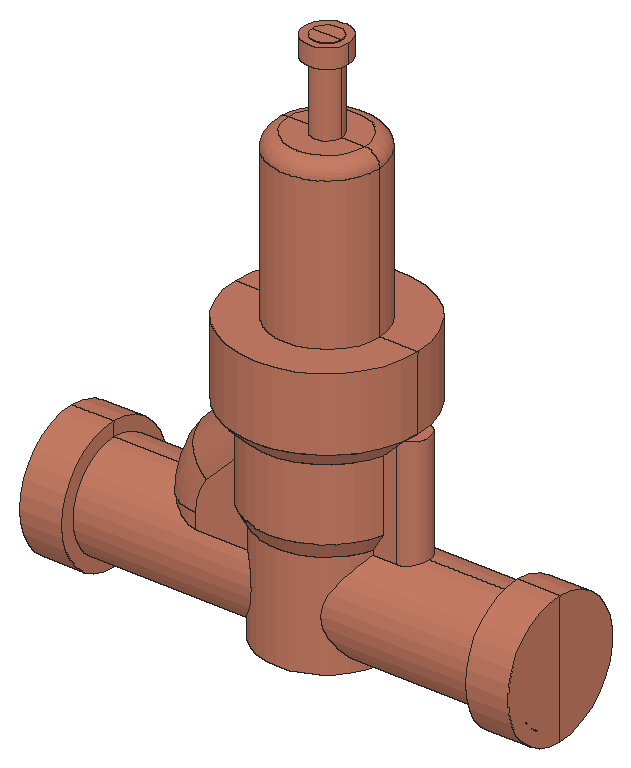
Revit family "xWater_Pressure_Reducing_Valves-WATTS-LFN45B-L_Series", category Pipe Accessories, Revit 2014
Parameters (values of type "1-1/4" LFN45-L")
  URL = "http://www.watts.com"
  Sweep_Rad_Hieght = 0.740"
  Sweep_Rad = 0.990"
  Sweep_Main_Rad = 0.750"
  Sweep_Dist = 1.650"
  Sweep_Angle = 45.00°
  Region = "North America"  # constant formula
  Product Page URL = "http://www.watts.com/pages/_products_details.asp?pid=6808"
  Product Documentation Link = "http://media.wattswater.com/ES-LFN45B-L.pdf"
  OUT_Dist = 4.000"
  OAL = IN_Dist + OUT_Dist  # 8.375"
  Model = "LFN45B"
  Max. Working Pressure = "300psi (20.7 bar)"  # constant formula
  Material = "Lead Free-WATTS-Cast Copper Silicon Alloy"  # constant formula
  Manufacturer Product Line = "Water Safety & Flow Control"  # constant formula
  Manufacturer = "WATTS"
  Installation Instructions = "http://www.watts.com/pdf/1915349.pdf"
  IN_Dist = 4.375"
  Flow Rate = "See Specification Sheet"
  Description = "Series LFN45B Lead Free* Water Pressure Reducing Valves are used in commercial and residential applications to reduce incoming water pressure for protection of plumbing system components and to reduce water consumption. It consists of a Lead Free* cast copper silicon alloy body construction, integral stainless steel strainer and thermal expansion bypass.  Available with either double union threaded or solder end connections. Maximum Working Pressure: 300psi (21 bar), Adjustable Reduced Pressure Range: 25 to 75psi (172 to 517 kPa), Standard Pressure Setting: 50psi (345 kPa)."  # constant formula
  Country = "United States"  # constant formula
  Connection_Rad = 5/8"
  Connection Type = "Female NPT Connections"  # constant formula
  Cage_Hieght = 2.843"
  Cage_Flange_Thk = 1.257"
  Cage_Flange_Rad = 1.570"
  Cage_Flange_Angle = 45.00°
  Cage_Fillet = 0.250"
  Cage_Dist = 4.017"
  Cage_Btm_Rad = 0.905"
  Body_Thd_Rad = 1.123"
  Body_Thd_Length = 0.720"
  Body_Port_Rad = 0.300"
  Body_Port_Hieght = 2.760"
  Body_Port_Dist = 1.450"
  Body_Main_Rad = 1.240"
  Body_Main_Dist = 1.200"
  Body_Flow_Rad = 0.895"
  Body_Btm_Rad = 1.075"
  Body_Btm_Dist = Body_Flow_Rad  # 0.895"
  Body_Boss_Rad = 0.315"
  Body_Boss_Dist = 1.120"
  Body_Angle = 30.00°
  Adj_Screw_WP = Cage_Dist + Cage_Hieght + Adj_Screw_Hieght  # 8.360"
  Adj_Screw_Rad = 0.249"
  Adj_Screw_Hieght = 1.500"
  Adj_Screw_Head_Thk = -0.323"
  Adj_Screw_Head_Rad = 0.380"
Types (4): name | OUT_Dist | OAL | IN_Dist | Connection_Rad | Body_Thd_Rad | Body_Thd_Length
  (no name) | 4.000" | 8.375" | 4.375" | 5/8" | 1.123" | 0.720"
  1-1/4" LFN45-L | 4.000" | 8.375" | 4.375" | 5/8" | 1.123" | 0.720"
  1-1/2" LFN45B-L | 3.812" | 8.375" | 4.563" | 3/4" | 1.279" | 0.900"
  2" LFN45B-L | 4.000" | 9.000" | 5.000" | 1" | 1.498" | 1.169"
Reference planes (in)
  plane 1 "Center (Front/Back)": y = 0
  plane 2: z = 0
  plane 3 "Center (Left/Right)": x = 0
  plane 4 "IN": x = -4.375
  plane 5 "OUT": x = 4
  plane 6 "Adj_Screw": z = 8.36
  plane 7: x = -3.655
  plane 8: x = 3.28
  plane 9: y = 0.895
  plane 10: y = -0.895
  plane 11: y = 1.645
  plane 12: y = -1.645
Forms (in)
  Extrusion 1, solid, material "Lead Free-WATTS-Cast Copper Silicon Alloy"
    sketch origin (-4.375, 0, 0) x (0, 0, 1) y (0, -1, 0)
      loop
        circle (0, 0) r 0.895
    from 0 to 8.375 <- "OAL"
  Revolve 2, solid, material "Lead Free-WATTS-Cast Copper Silicon Alloy"
    sketch origin (0, 0, 0) x (1, 0, 0) y (0, 0, 1)
      loop
        line (-4.375, 0) -> (-3.655, 0) -> (-3.655, 1.123) -> (-4.375, 1.123) -> (-4.375, 0)
      loop
        line (4, 0) -> (4, 1.123) -> (3.28, 1.123) -> (3.28, 0) -> (4, 0)
      axis (-4.375, 0) -> (4, 0)
    angle from 0 to 360
  Revolve 3, solid, material "Lead Free-WATTS-Cast Copper Silicon Alloy"
    sketch origin (0, 0, 0) x (1, 0, 0) y (0, 0, 1)
      loop
        line (0, -1.12) -> (0, 8.36) -> (-0.249, 8.36) -> (-0.249, 6.86) -> (-0.655, 6.86)
        arc (-0.655, 6.86) -> (-0.83178, 6.78678) -> (-0.905, 6.61) r 0.25
        line (-0.905, 6.61) -> (-0.905, 4.017) -> (-1.57, 4.017) -> (-1.57, 2.76) -> (-1.24, 2.43) -> (-1.24, 1.2) -> (-1.075, 0.91421) -> (-1.075, -0.895) -> (-0.315, -0.895) -> (-0.315, -1.12) -> (0, -1.12)
      axis (0, 8.36) -> (0, -1.12)
    angle from 0 to 360
  Sweep 4, solid, material "Lead Free-WATTS-Cast Copper Silicon Alloy"
    path origin (0, 0, 0) x (1, 0, 0) y (0, 0, 1)
      loop
        line (-1.65, 0) -> (-1.65, 0.74)
        arc (-1.65, 0.74) -> (-1.60371, 1.0392) -> (-1.46915, 1.31041) r 0.99
        line (-1.46915, 1.31041) -> (0, 2.77957)
    profile origin (-1.65, 0, 0) x (-1, 0, 0) y (0, -1, 0)
      loop
        arc (0, -0.75) -> (0.75, 0) -> (0, 0.75) r 0.75
        line (0, 0.75) -> (-0.94, 0.75) -> (-0.94, -0.75) -> (0, -0.75)
  Extrusion 5, solid, material "Lead Free-WATTS-Cast Copper Silicon Alloy"
    sketch origin (0, 0, 8.36) x (-1, 0, 0) y (0, -1, 0)
      loop
        circle (0, 0) r 0.38
    from 0 to -0.323 <- "Adj_Screw_Head_Thk"
  Extrusion 6, solid, material "Lead Free-WATTS-Cast Copper Silicon Alloy"
    sketch origin (0, 0, 0) x (1, 0, 0) y (0, 1, 0)
      loop
        arc (1.45, -0.3) -> (1.75, 0) -> (1.45, 0.3) r 0.3
        line (1.45, 0.3) -> (0, 0.3) -> (0, -0.3) -> (1.45, -0.3)
    from 0 to 2.76 <- "Body_Port_Hieght"
Lines and regions (in)
  Masking region 1, detail levels fine
    outline origin (0, 0, 0) x (1, 0, 0) y (0, 1, 0)
      loop
        line (-3.655, 1.123) -> (-4.375, 1.123) -> (-4.375, -1.123) -> (-3.655, -1.123) -> (-3.655, -0.895) -> (-1.28991, -0.895)
        arc (-1.28991, -0.895) -> (0, -1.57) -> (1.28991, -0.895) r 1.57
        line (1.28991, -0.895) -> (3.28, -0.895) -> (3.28, -1.123) -> (4, -1.123) -> (4, 1.123) -> (3.28, 1.123) -> (3.28, 0.895) -> (1.28991, 0.895)
        arc (1.28991, 0.895) -> (0, 1.57) -> (-1.28991, 0.895) r 1.57
        line (-1.28991, 0.895) -> (-3.655, 0.895) -> (-3.655, 1.123)
  model lines, detail levels coarse+medium
    curve 1: line (-3.655, 1.645, 0) -> (-3.655, -1.645, 0)
    curve 2: line (3.28, 1.645, 0) -> (3.28, -1.645, 0)
    curve 3: line (-3.655, 1.645, 0) -> (3.28, -1.645, 0)
    curve 4: line (3.28, 1.645, 0) -> (-3.655, -1.645, 0)
    curve 5: line (-3.655, 0, 0) -> (-4.375, 0, 0)
    curve 6: line (3.28, 0, 0) -> (4, 0, 0)
  symbolic lines, detail levels fine
    curve 7: circle (0, 0, 0) r 1.57 normal (0, 0, -1)
    curve 8: circle (0, 0, 0) r 0.905 normal (0, 0, -1)
    curve 9: circle (0, 0, 0) r 0.38 normal (0, 0, 1)
    curve 10: line (3.28, 0.895, 0) -> (3.28, -0.895, 0)
    curve 11: line (-3.655, 0.895, 0) -> (-3.655, -0.895, 0)
Dimensions and locks (in)
  "IN_Dist": plane 3 "Center (Left/Right)" to plane 4 "IN"
  "OUT_Dist": plane 5 "OUT" to plane 3 "Center (Left/Right)"
  "Body_Thd_Rad": Revolve 2 sketch curve to level
  "Body_Thd_Length": Revolve 2 sketch curve to Revolve 2 sketch curve  (x2)
  "Body_Main_Rad": Revolve 3 sketch curve to Revolve 3 sketch curve
  "Body_Btm_Rad": Revolve 3 sketch curve to Revolve 3 sketch curve
  "Body_Boss_Rad": Revolve 3 sketch curve to Revolve 3 sketch curve
  "Cage_Flange_Rad": Revolve 3 sketch curve to Revolve 3 sketch curve
  "Adj_Screw_Rad": Revolve 3 sketch curve to Revolve 3 sketch curve
  "Body_Boss_Dist": level to Revolve 3 sketch curve
  "Body_Btm_Dist": level to Revolve 3 sketch curve
  "Body_Main_Dist": Revolve 3 sketch curve to level
  "Cage_Dist": Revolve 3 sketch curve to level
  "Cage_Flange_Thk": Revolve 3 sketch curve to Revolve 3 sketch curve
  "Cage_Hieght": Revolve 3 sketch curve to Revolve 3 sketch curve
  "Adj_Screw_Hieght": Revolve 3 sketch curve to Revolve 3 sketch curve
  "Cage_Btm_Rad": Revolve 3 sketch curve to Revolve 3 sketch curve
  "Adj_Screw_WP": plane 6 "Adj_Screw" to level
  "Sweep_Rad_Hieght": Sweep 4 sketch curve to level
  "Sweep_Dist": plane 3 "Center (Left/Right)" to Sweep 4 sketch curve
  Sweep 4 sketch curve to plane 3 "Center (Left/Right)" = 0.710"
  "Body_Port_Dist": plane 3 "Center (Left/Right)" to Extrusion 6 sketch curve
  "Body_Thd_Length": plane 7 to plane 4 "IN"
  "Body_Thd_Length": plane 5 "OUT" to plane 8
  "Body_Flow_Rad": plane 1 "Center (Front/Back)" to plane 9
  "Body_Flow_Rad": plane 10 to plane 1 "Center (Front/Back)"
  locked: plane 9 to plane 11 at 0.75
  locked: plane 10 to plane 12 at 0.75
  "Body_Thd_Rad": plane 1 "Center (Front/Back)" to Masking region 1 sketch curve
  "Body_Thd_Rad": Masking region 1 sketch curve to plane 1 "Center (Front/Back)"
  "Body_Flow_Rad": radius of Extrusion 1 sketch curve
  "Cage_Fillet": radius of Revolve 3 sketch curve
  "Sweep_Rad": radius of Sweep 4 sketch curve
  "Sweep_Main_Rad": radius of Sweep 4 sketch curve
  "Adj_Screw_Head_Rad": radius of Extrusion 5 sketch curve
  "Body_Port_Rad": radius of Extrusion 6 sketch curve
  "Cage_Flange_Angle": angle Revolve 3 sketch curve to Revolve 3 sketch curve
  "Body_Angle": angle Revolve 3 sketch curve to Revolve 3 sketch curve
  aligned and locked: Revolve 2 sketch curve to Revolve 2 sketch curve  (x2)
  aligned and locked: Revolve 2 sketch curve to plane 4 "IN"
  aligned and locked: Revolve 2 sketch curve to plane 5 "OUT"
  aligned and locked: level to Revolve 2 sketch curve
  aligned and locked: Revolve 2 sketch curve to level
  aligned and locked: Revolve 3 sketch curve to Revolve 3 sketch curve
  aligned and locked: plane 3 "Center (Left/Right)" to Sweep 4 sketch curve
  aligned and locked: Masking region 1 sketch curve to Masking region 1 sketch curve  (x2)
  aligned and locked: plane 10 to Masking region 1 sketch curve
  aligned and locked: plane 9 to Masking region 1 sketch curve
  aligned and locked: Masking region 1 sketch curve to plane 5 "OUT"
  aligned and locked: Masking region 1 sketch curve to plane 4 "IN"
  aligned and locked: plane 7 to Masking region 1 sketch curve  (x2)
  aligned and locked: plane 8 to Masking region 1 sketch curve  (x2)
  aligned and locked: Masking region 1 sketch curve to Revolve 3  (x2)
  aligned and locked: plane 11 to curve 1
  aligned and locked: plane 12 to curve 1
  aligned and locked: plane 12 to curve 2
  aligned and locked: plane 11 to curve 2
  aligned and locked: curve 2 to plane 8
  aligned and locked: curve 1 to plane 7
  aligned and locked: curve 7 to Revolve 3
  aligned and locked: curve 8 to Revolve 3
  aligned and locked: curve 9 to Extrusion 5
  aligned and locked: Revolve 2 to curve 10
  aligned and locked: curve 11 to Revolve 2
  aligned and locked: plane 9 to curve 11
  aligned and locked: plane 10 to curve 11
  aligned and locked: plane 9 to curve 10
  aligned and locked: plane 10 to curve 10
Automatic sketch dimensions
  Extrusion 1 sketch curve to level = 0.000"
  Extrusion 1 sketch curve to plane 1 "Center (Front/Back)" = 0.000"
  Revolve 2 sketch curve to plane 4 "IN" = 0.000"
  Revolve 2 sketch curve to plane 5 "OUT" = 0.000"
  Revolve 3 sketch curve to plane 3 "Center (Left/Right)" = 0.000"
  Revolve 3 sketch curve to Revolve 3 sketch curve = 0.000"  (x2)
  Sweep 4 sketch curve to level = 0.000"
  Sweep 4 sketch curve to Sweep 4 sketch curve = 0.18085"
  Sweep 4 sketch curve to Sweep 4 sketch curve = 1.46915"
  Sweep 4 sketch curve to profile plane = 0.000"
  Sweep 4 sketch curve to plane 1 "Center (Front/Back)" = 0.000"
  Extrusion 5 sketch curve to plane 1 "Center (Front/Back)" = 0.000"
  Extrusion 5 sketch curve to plane 3 "Center (Left/Right)" = 0.000"
  Extrusion 6 sketch curve to plane 3 "Center (Left/Right)" = 0.000"
  Extrusion 6 sketch curve to plane 1 "Center (Front/Back)" = 0.000"
  Extrusion 6 sketch curve to Extrusion 6 sketch curve = 0.000"
  Masking region 1 sketch curve to plane 10 = 0.000"
  plane 9 to Masking region 1 sketch curve = 0.000"
  plane 1 "Center (Front/Back)" to curve 5 = 0.000"
  curve 5 to plane 4 "IN" = 0.000"
  plane 1 "Center (Front/Back)" to curve 6 = 0.000"
  curve 6 to plane 5 "OUT" = 0.000"
Connectors (in)
  piping at (-4.375, 0, 0), diameter 1.25, driven by "Connection_Rad"
    settings: on Extrusion 1, index 1, connector inside diameter 1 1/4", connector length 0.000", flow factor 0, pipe flow 0 GPM, pressure drop 0.00 psi, fitting loss kfactor 0, connector angle 0.00°, fixture units 0, engagement length 0.000", angle of deflection 0.00°, flow configuration 0, flow direction 1, fitting loss method 0, system type 29, joint type 0, gender type 0, connector reference index 2, connector utility 0, adjustable connector no, is connector primary yes, connector description "Inlet Connection"
  piping at (4, 0, 0), diameter 1.25, driven by "Connection_Rad"
    settings: on Extrusion 1, index 2, connector inside diameter 1 1/4", connector length 0.000", flow factor 0, pipe flow 0 GPM, pressure drop 0.00 psi, fitting loss kfactor 0, connector angle 0.00°, fixture units 0, engagement length 0.000", angle of deflection 0.00°, flow configuration 0, flow direction 2, fitting loss method 0, system type 29, joint type 0, gender type 0, connector reference index 1, connector utility 0, adjustable connector no, is connector primary no, connector description "Outlet Connection"
